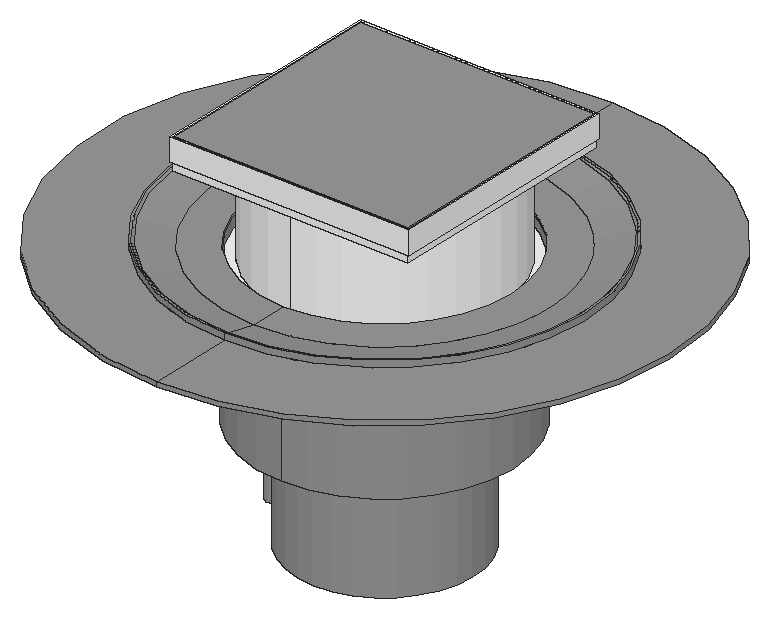
Revit family "HL_RU_Roof drain_HL62.1B-B-221103", category Instalační zařizovací předměty, Revit 2021
Family settings
  Kóta kulaté spojky = Použít průměr
  Typ dílu = Normální
  Číslo OmniClass = 23.70.50.21.24.14
  Nadpis OmniClass = Deck Waste Water Drains
  Založené na pracovní rovině = Ne
  Vždy vertikální = Ano
  Ořezat dutým tvarem při načtení = Ne
  Sdílené = Ne
  Bod výpočtu místnosti = Ano
Parameters (values of type "HL_Кровельная воронка_HL62.1B_1")
  РЕШЁТКА = "Edelstahl 137x137mm"
  РАЗМЕР = "DN110"
  ПРОПУСКНАЯ СПОСОБНОСТЬ [instance] = 0.0 L/s
  ПРОИЗВОДИТЕЛЬНОСТЬ = "6,0 l/s"
  ПРАВОВАЯ ИНФОРМАЦИЯ = "Авторские права(©), права на дизайн или какие либо другие права интелектуальной собственности являются исключительной собственностью компании HL Hutterer & Lechner. Изменению не подлежит. Файл семейства с данными о прозводителе изделия защищен паролем с водяным знаком."
  НОМИНАЛЬНЫЙ ДИАМЕТР = 110 mm
  НАСАДКА = "12-65mm/148x148mm"
  МАТЕРИАЛ = "PP"
  МАКСИМАЛЬНАЯ НАГРУЗКА КЛАССА = "K - 300 kg"
  ВЫСОТА МОНТАЖА = "120 mm"
  ВЕС = "1,92 [kg]"
  Výchozí výška = 0 mm
  Výrobce = "HL Hutterer & Lechner GmbH"  # constant formula
  URL = "http://www.hutterer-lechner.com/ru/products/catalog/roof-drains/HL62.1B/1.aspx"
  Материал плитка [instance] = none
  Přípoj ventilace = no
  Přípoj odpadních dílů = yes
  Přípoj HW = no
  Přípoj CW = no
  Popis = "Кровельные воронки"
  Model = "HL62.1B_1"
  Assembly Code = " "
  Komentáře k typům = "HL62.1B/1 Кровельная воронка DN110 с зажимным элементом и подогревом (10_30Вт/230В). Проходная _ 148х148мм/137х137мм.,"
  Keynote = "HL62.1B_1"
  EAN = "9003076802517"
  Bысота монтажа [instance] = 65 mm  # constant formula
  G [instance] = 180.00°  # constant formula
  D [instance] = 67 mm + Bысота монтажа  # 132 mm
  C [instance] = if(Bысота монтажа - 68 mm < 0 mm, 0 mm, Bысота монтажа - 68 mm)  # 0 mm
  B [instance] = 100 mm  # constant formula
  A [instance] = if(B - 100 mm > 15 mm, B - 100 mm, 15 mm)  # 15 mm
Types (5, lengths in mm): name | РАЗМЕР | НОМИНАЛЬНЫЙ ДИАМЕТР | ВЕС | URL | Model | Komentáře k typům | Keynote | EAN
  (no name) | "DN75" | 75 | "1,94 [kg]" | "http://www.hutterer-lechner.com/ru/products/catalog/roof-drains/HL62.1B/7.aspx" | "HL62.1B_7" | "HL62.1B/7 Кровельная воронка DN75 с зажимным элементом и подогревом (10_30Вт/230В). Проходная _ 148х148мм/137х137мм.," | "HL62.1B_7" | "9003076832514"
  HL_Кровельная воронка_HL62.1B_1 | "DN110" | 110 | "1,92 [kg]" | "http://www.hutterer-lechner.com/ru/products/catalog/roof-drains/HL62.1B/1.aspx" | "HL62.1B_1" | "HL62.1B/1 Кровельная воронка DN110 с зажимным элементом и подогревом (10_30Вт/230В). Проходная _ 148х148мм/137х137мм.," | "HL62.1B_1" | "9003076802517"
  HL_Кровельная воронка_HL62.1B_2 | "DN125" | 125 | "1,92 [kg]" | "http://www.hutterer-lechner.com/ru/products/catalog/roof-drains/HL62.1B/2.aspx" | "HL62.1B_2" | "HL62.1B/2 Кровельная воронка DN125 с зажимным элементом и подогревом (10_30Вт/230В). Проходная _ 148х148мм/137х137мм.," | "HL62.1B_2" | "9003076812516"
  HL_Кровельная воронка_HL62.1B_5 | "DN160" | 160 | "1,95 [kg]" | "http://www.hutterer-lechner.com/ru/products/catalog/roof-drains/HL62.1B/5.aspx" | "HL62.1B_5" | "HL62.1B/5 Кровельная воронка DN160 с зажимным элементом и подогревом (10_30Вт/230В). Проходная _ 148х148мм/137х137мм.," | "HL62.1B_5" | "9003076822522"
  HL_Кровельная воронка_HL62.1B_7 | "DN75" | 75 | "1,94 [kg]" | "http://www.hutterer-lechner.com/ru/products/catalog/roof-drains/HL62.1B/7.aspx" | "HL62.1B_7" | "HL62.1B/7 Кровельная воронка DN75 с зажимным элементом и подогревом (10_30Вт/230В). Проходная _ 148х148мм/137х137мм.," | "HL62.1B_7" | "9003076832514"
Reference planes
  plane 1 "Center (Front/Back)": y = 0
  plane 2: z = 0
  plane 3 "Center (Left/Right)": x = 0
  plane 4: z = -100
  plane 5: z = -65
Lines and regions (mm)
  model lines, style "InvisibleLines"
    curve 1: line (0, 0, 0) -> (0, 0, 20)
  model lines, style "PlumbingFixtures", detail levels coarse+medium
    curve 2: line (0, 0, -100) -> (0, 0, -85)
    curve 3: line (0, 0, -85) -> (-85, 0, 0)
    curve 4: line (0, 0, -85) -> (85, 0, 0)
    curve 6: line (0, 0, -100) -> (0, 0, -232)
  reference lines, not visible
    curve 5: line (0, 0, -100) -> (0, 0, -232)
  symbolic lines, style "PlumbingFixtures", detail levels coarse+medium
    curve 7: line (-75, 75, 0) -> (75, 75, 0)
    curve 8: line (-75, -75, 0) -> (-75, 75, 0)
    curve 9: line (75, -75, 0) -> (-75, -75, 0)
    curve 10: line (75, 75, 0) -> (75, -75, 0)
    curve 11: line (-75, 75, 0) -> (-145.711, 145.711, 0)
    curve 12: line (75, 75, 0) -> (145.711, 145.711, 0)
    curve 13: line (-75, -75, 0) -> (-145.711, -145.711, 0)
    curve 14: line (75, -75, 0) -> (145.711, -145.711, 0)
  symbolic lines, style "PlumbingFixtures", not visible, detail levels coarse+medium
    curve 15: line (-75, 75, 0) -> (75, 75, 0)
    curve 16: line (-75, -75, 0) -> (-75, 75, 0)
    curve 17: line (75, -75, 0) -> (-75, -75, 0)
    curve 18: line (75, 75, 0) -> (75, -75, 0)
    curve 19: line (-75, 75, 0) -> (-145.711, 145.711, 0)
    curve 20: line (75, 75, 0) -> (145.711, 145.711, 0)
    curve 21: line (-75, -75, 0) -> (-145.711, -145.711, 0)
    curve 22: line (75, -75, 0) -> (145.711, -145.711, 0)
Text (mm)
  text "FLOOR" at (-162.344, 0, -10.979), in view "Drain Construction View"
Dimensions and locks
  "B": plane 2 to plane 4
  "Bысота монтажа": plane 2 to plane 5
  "A": curve 4 to plane 4
  "D": curve 5 to curve 5
  "D": curve 6 to curve 6
  locked: curve 4 to plane 3 "Center (Left/Right)" (angle 45.00°)
  locked: plane 3 "Center (Left/Right)" to curve 3 (angle 45.00°)
  "G": angle curve 5 to plane 3 "Center (Left/Right)"
  aligned and locked: level to plane 2
  aligned and locked: plane 2 to curve 4
  aligned and locked: plane 2 to curve 3
  aligned and locked: plane 4 to curve 5
  aligned and locked: plane 3 "Center (Left/Right)" to curve 5
  aligned and locked: plane 4 to curve 2
  aligned and locked: curve 6 to plane 3 "Center (Left/Right)"
  aligned and locked: curve 6 to plane 4
  aligned and locked: plane 3 "Center (Left/Right)" to nested 1
  aligned and locked: plane 5 to nested 2
  aligned and locked: nested 2 to plane 3 "Center (Left/Right)"
  aligned and locked: plane 2 to nested 1
Automatic sketch dimensions
  curve 2 to plane 3 "Center (Left/Right)" = 0 mm
  curve 1 to plane 3 "Center (Left/Right)" = 0 mm
  curve 1 to level = 0 mm
  level to curve 1 = 20 mm
Nested families
  nested 1: "HL_Насадка_HL66.9S" at (0, 0, 0), Bысота монтажа <- "Bысота монтажа", type "HL_Grate frame_HL66.9S"
    with L 93 mm, IHmin 12 mm, IHmax 65 mm, Bысота монтажа 65 mm
  nested 2: "HL_кровельные воронки - корпус_HL62.1" at (0, 0, -65), НОМИНАЛЬНЫЙ ДИАМЕТР <- "НОМИНАЛЬНЫЙ ДИАМЕТР", type "HL_кровельные воронки - корпус_HL62.1"
    with НОМИНАЛЬНЫЙ ДИАМЕТР 110 mm, OOD 67.5 mm
Connectors
  piping at (0, 0, -232), diameter 110, driven by "ПРОПУСКНАЯ СПОСОБНОСТЬ", driven by "НОМИНАЛЬНЫЙ ДИАМЕТР"
    settings: on curve 5, index 1, connector inside diameter 609.6 mm, connector length 0 mm, flow factor 0, pipe flow 0.0 L/s, pressure drop 0.0 Pa, fitting loss kfactor 0, connector angle 0.00°, fixture units 0, engagement length 0 mm, angle of deflection 0.00°, flow configuration 1, flow direction 2, fitting loss method 0, system type 16, joint type 0, gender type 0, connector reference index -1, connector utility 0, adjustable connector yes, is connector primary yes, connector description ""
Definition of nested family "HL_Насадка_HL66.9S"
  Parameters (values of type "HL_Grate frame_HL66.9S")
    РЕШЁТКА = "Edelstahl 138x138mm"
    РАЗМЕР = "d 145 mm"
    ПРАВОВАЯ ИНФОРМАЦИЯ = "Авторские права(©), права на дизайн или какие либо другие права интелектуальной собственности являются исключительной собственностью компании HL Hutterer & Lechner. Изменению не подлежит. Файл семейства с данными о прозводителе изделия защищен паролем с водяным знаком."
    НАСАДКА = "147x147mm"
    МАТЕРИАЛ = "PP"
    МАКСИМАЛЬНАЯ НАГРУЗКА КЛАССА = "K - 300 kg"
    ВЫСОТА МОНТАЖА = "12-65mm"
    Материал плитка = none
    ВЕС = "0,345 [kg]"
    Default Elevation = 0 mm
    L [instance] = if(Bысота монтажа < IHmin, -100 mm, if(Bысота монтажа > IHmax, -100 mm, Bысота монтажа + 28 mm))  # 93 mm
    Manufacturer = "HL Hutterer & Lechner GmbH"
    URL = "http://www.hutterer-lechner.com/ru/products/catalog/roof-drains/HL66.9.aspx"
    Description = "Кровельные воронки"
    Model = "HL66.9"
    Type Comments = "HL66.9, Насадка d 145мм с бороздками/147х147мм/138х138мм"
    Keynote = "HL66.9"
    Bысота монтажа [instance] = 65 mm
    IHmin [instance] = 12 mm
    IHmax [instance] = 65 mm
    EAN = "9003076014606"
    Cost = 0
  Reference planes
    plane 1 "Střed (vpředu/vzadu)": y = 0
    plane 2: z = 0
    plane 3 "Střed (vlevo/vpravo)": x = 0
  Forms (mm)
    Revolve 1, solid, detail levels fine
      sketch origin (0, 0, 128) x (0, 1, 0) y (0, 0, 1)
        loop
          line (72.5, -142) -> (69.248, -142) -> (69.248, -221) -> (72.5, -221) -> (72.5, -142)
        axis (0, -142) -> (0, -221)
      angle from 0 to 360
    Extrusion 2, solid, detail levels fine
      sketch origin (-1.537, 0, -14.6) x (0, 1, 0) y (-1, 0, 0)
        loop
          line (74, 72.459) -> (-74, 72.459) -> (-74, -75.537) -> (74, -75.537) -> (74, 72.459)
        loop
          line (73, 71.463) -> (-73, 71.463) -> (-73, -74.537) -> (73, -74.537) -> (73, 71.463)
      from 0.6 to 14.6
    Extrusion 3, solid, detail levels fine
      sketch origin (-1.537, 0, -14) x (-1, 0, 0) y (0, 1, 0)
        loop
          line (71.463, 73) -> (-74.537, 73) -> (-74.537, -73) -> (71.463, -73) -> (71.463, 73)
        loop
          circle (-1.537, 0) r 72.5
      from 0 to 5
    Extrusion 4, solid, detail levels fine
      sketch origin (-1.537, 0, -14) x (-1, 0, 0) y (0, -1, 0)
        loop
          line (70.95, -72.397) -> (70.95, 72.463) -> (-74.05, 72.463) -> (-74.05, -72.397) -> (70.95, -72.397)
      from 0 to 14
    Revolve 5, solid, detail levels fine
      sketch origin (0, 75.989, -93) x (0, -1, 0) y (0, 0, -1)
        loop
          line (3.489, -20) -> (3.489, 0) -> (0.186, 0) -> (-2.325, -2.511) -> (-2.325, -20) -> (3.489, -20)
        axis (75.989, -20) -> (75.989, 0)
      angle from 0 to 360
  Lines and regions (mm)
    model lines, detail levels fine
      curve 1: line (36.25, 24.325, 0) -> (36.25, -24.42, 0)
      curve 2: line (43.75, -24.42, 0) -> (43.75, 24.325, 0)
      curve 3: line (52.25, 40.306, 0) -> (52.25, -40.355, 0)
      curve 4: line (59.75, -40.355, 0) -> (59.75, 40.306, 0)
      curve 5: line (20.25, 8.588, 0) -> (20.25, -8.684, 0)
      curve 6: line (27.75, -8.684, 0) -> (27.75, 8.588, 0)
      curve 7: arc (27.75, 8.588, 0) -> (24, 12.338, 0) -> (20.25, 8.588, 0) r 3.75
      curve 8: arc (20.25, -8.684, 0) -> (24, -12.434, 0) -> (27.75, -8.684, 0) r 3.75
      curve 9: arc (36.25, -24.42, 0) -> (40, -28.17, 0) -> (43.75, -24.42, 0) r 3.75
      curve 10: arc (43.75, 24.325, 0) -> (40, 28.075, 0) -> (36.25, 24.325, 0) r 3.75
      curve 11: arc (59.75, 40.306, 0) -> (56, 44.056, 0) -> (52.25, 40.306, 0) r 3.75
      curve 12: arc (52.25, -40.355, 0) -> (56, -44.105, 0) -> (59.75, -40.355, 0) r 3.75
      curve 13: line (-24.325, -36.25, 0) -> (24.42, -36.25, 0)
      curve 14: line (24.42, -43.75, 0) -> (-24.325, -43.75, 0)
      curve 15: line (-40.306, -52.25, 0) -> (40.355, -52.25, 0)
      curve 16: line (40.355, -59.75, 0) -> (-40.306, -59.75, 0)
      curve 17: line (-8.588, -20.25, 0) -> (8.684, -20.25, 0)
      curve 18: line (8.684, -27.75, 0) -> (-8.588, -27.75, 0)
      curve 19: arc (-8.588, -27.75, 0) -> (-12.338, -24, 0) -> (-8.588, -20.25, 0) r 3.75
      curve 20: arc (8.684, -20.25, 0) -> (12.434, -24, 0) -> (8.684, -27.75, 0) r 3.75
      curve 21: arc (24.42, -36.25, 0) -> (28.17, -40, 0) -> (24.42, -43.75, 0) r 3.75
      curve 22: arc (-24.325, -43.75, 0) -> (-28.075, -40, 0) -> (-24.325, -36.25, 0) r 3.75
      curve 23: arc (-40.306, -59.75, 0) -> (-44.056, -56, 0) -> (-40.306, -52.25, 0) r 3.75
      curve 24: arc (40.355, -52.25, 0) -> (44.105, -56, 0) -> (40.355, -59.75, 0) r 3.75
      curve 25: line (36.25, -24.42, 0) -> (36.25, 24.325, 0)
      curve 26: line (43.75, 24.325, 0) -> (43.75, -24.42, 0)
      curve 27: line (52.25, -40.355, 0) -> (52.25, 40.306, 0)
      curve 28: line (59.75, 40.306, 0) -> (59.75, -40.355, 0)
      curve 29: line (20.25, -8.684, 0) -> (20.25, 8.588, 0)
      curve 30: line (27.75, 8.588, 0) -> (27.75, -8.684, 0)
      curve 31: arc (27.75, -8.588, 0) -> (24, -12.338, 0) -> (20.25, -8.588, 0) r 3.75
      curve 32: arc (20.25, 8.684, 0) -> (24, 12.434, 0) -> (27.75, 8.684, 0) r 3.75
      curve 33: arc (36.25, 24.42, 0) -> (40, 28.17, 0) -> (43.75, 24.42, 0) r 3.75
      curve 34: arc (43.75, -24.325, 0) -> (40, -28.075, 0) -> (36.25, -24.325, 0) r 3.75
      curve 35: arc (59.75, -40.306, 0) -> (56, -44.056, 0) -> (52.25, -40.306, 0) r 3.75
      curve 36: arc (52.25, 40.355, 0) -> (56, 44.105, 0) -> (59.75, 40.355, 0) r 3.75
      curve 37: line (24.42, -36.25, 0) -> (-24.325, -36.25, 0)
      curve 38: line (-24.325, -43.75, 0) -> (24.42, -43.75, 0)
      curve 39: line (40.355, -52.25, 0) -> (-40.306, -52.25, 0)
      curve 40: line (-40.306, -59.75, 0) -> (40.355, -59.75, 0)
      curve 41: line (8.684, -20.25, 0) -> (-8.588, -20.25, 0)
      curve 42: line (-8.588, -27.75, 0) -> (8.684, -27.75, 0)
      curve 43: arc (8.588, -27.75, 0) -> (12.338, -24, 0) -> (8.588, -20.25, 0) r 3.75
      curve 44: arc (-8.684, -20.25, 0) -> (-12.434, -24, 0) -> (-8.684, -27.75, 0) r 3.75
      curve 45: arc (-24.42, -36.25, 0) -> (-28.17, -40, 0) -> (-24.42, -43.75, 0) r 3.75
      curve 46: arc (24.325, -43.75, 0) -> (28.075, -40, 0) -> (24.325, -36.25, 0) r 3.75
      curve 47: arc (40.306, -59.75, 0) -> (44.056, -56, 0) -> (40.306, -52.25, 0) r 3.75
      curve 48: arc (-40.355, -52.25, 0) -> (-44.105, -56, 0) -> (-40.355, -59.75, 0) r 3.75
      curve 49: line (-36.25, 24.325, 0) -> (-36.25, -24.325, 0)
      curve 50: line (-43.75, -24.325, 0) -> (-43.75, 24.325, 0)
      curve 51: line (-52.25, 40.306, 0) -> (-52.25, -40.306, 0)
      curve 52: line (-59.75, -40.306, 0) -> (-59.75, 40.306, 0)
      curve 53: line (-20.25, 8.588, 0) -> (-20.25, -8.588, 0)
      curve 54: line (-27.75, -8.684, 0) -> (-27.75, 8.588, 0)
      curve 55: arc (-27.75, 8.588, 0) -> (-24, 12.338, 0) -> (-20.25, 8.588, 0) r 3.75
      curve 56: arc (-20.25, -8.684, 0) -> (-24, -12.434, 0) -> (-27.75, -8.684, 0) r 3.75
      curve 57: arc (-43.75, 24.325, 0) -> (-40, 28.075, 0) -> (-36.25, 24.325, 0) r 3.75
      curve 58: arc (-59.75, 40.306, 0) -> (-56, 44.056, 0) -> (-52.25, 40.306, 0) r 3.75
      curve 59: line (-36.25, -24.325, 0) -> (-36.25, 24.325, 0)
      curve 60: line (-43.75, 24.325, 0) -> (-43.75, -24.325, 0)
      curve 61: line (-52.25, -40.306, 0) -> (-52.25, 40.306, 0)
      curve 62: line (-59.75, 40.306, 0) -> (-59.75, -40.306, 0)
      curve 63: line (-20.25, -8.588, 0) -> (-20.25, 8.588, 0)
      curve 64: line (-27.75, 8.588, 0) -> (-27.75, -8.684, 0)
      curve 65: arc (-27.75, -8.588, 0) -> (-24, -12.338, 0) -> (-20.25, -8.588, 0) r 3.75
      curve 66: arc (-20.25, 8.684, 0) -> (-24, 12.434, 0) -> (-27.75, 8.684, 0) r 3.75
      curve 67: arc (-36.25, 24.42, 0) -> (-40, 28.17, 0) -> (-43.75, 24.42, 0) r 3.75
      curve 68: arc (-43.75, -24.325, 0) -> (-40, -28.075, 0) -> (-36.25, -24.325, 0) r 3.75
      curve 69: arc (-59.75, -40.306, 0) -> (-56, -44.056, 0) -> (-52.25, -40.306, 0) r 3.75
      curve 70: arc (-52.25, 40.355, 0) -> (-56, 44.105, 0) -> (-59.75, 40.355, 0) r 3.75
      curve 71: line (-24.42, 36.25, 0) -> (24.325, 36.25, 0)
      curve 72: line (24.42, 43.75, 0) -> (-24.42, 43.75, 0)
      curve 73: line (-40.355, 52.25, 0) -> (40.306, 52.25, 0)
      curve 74: line (40.306, 59.75, 0) -> (-40.355, 59.75, 0)
      curve 75: line (-8.588, 20.25, 0) -> (8.588, 20.25, 0)
      curve 76: line (8.684, 27.75, 0) -> (-8.588, 27.75, 0)
      curve 77: arc (-8.588, 27.75, 0) -> (-12.338, 24, 0) -> (-8.588, 20.25, 0) r 3.75
      curve 78: arc (8.684, 20.25, 0) -> (12.434, 24, 0) -> (8.684, 27.75, 0) r 3.75
      curve 79: arc (24.42, 36.25, 0) -> (28.17, 40, 0) -> (24.42, 43.75, 0) r 3.75
      curve 80: line (24.325, 36.25, 0) -> (-24.42, 36.25, 0)
      curve 81: line (-24.42, 43.75, 0) -> (24.42, 43.75, 0)
      curve 82: line (40.306, 52.25, 0) -> (-40.355, 52.25, 0)
      curve 83: line (-40.355, 59.75, 0) -> (40.306, 59.75, 0)
      curve 84: line (8.588, 20.25, 0) -> (-8.588, 20.25, 0)
      curve 85: line (-8.588, 27.75, 0) -> (8.684, 27.75, 0)
      curve 86: arc (8.588, 27.75, 0) -> (12.338, 24, 0) -> (8.588, 20.25, 0) r 3.75
      curve 87: arc (-8.684, 20.25, 0) -> (-12.434, 24, 0) -> (-8.684, 27.75, 0) r 3.75
      curve 88: arc (-24.42, 36.25, 0) -> (-28.17, 40, 0) -> (-24.42, 43.75, 0) r 3.75
      curve 89: arc (24.325, 43.75, 0) -> (28.075, 40, 0) -> (24.325, 36.25, 0) r 3.75
      curve 90: arc (40.306, 59.75, 0) -> (44.056, 56, 0) -> (40.306, 52.25, 0) r 3.75
      curve 91: arc (-40.355, 52.25, 0) -> (-44.105, 56, 0) -> (-40.355, 59.75, 0) r 3.75
    reference lines
      curve 92: line (0, 75.989, -93) -> (0, -174.011, -93)
  Dimensions and locks
    Extrusion 2 sketch curve to Extrusion 2 sketch curve = 147.996 mm
    Extrusion 2 sketch curve to Extrusion 2 sketch curve = 148 mm
    "L": curve 92 to plane 2
    aligned and locked: level to plane 2
    aligned and locked: Revolve 1 to curve 92
  Automatic sketch dimensions
    plane 1 "Střed (vpředu/vzadu)" to Extrusion 2 sketch curve = 74 mm
    Extrusion 2 sketch curve to Extrusion 2 sketch curve = 1 mm  (x3)
    plane 3 "Střed (vlevo/vpravo)" to Extrusion 2 sketch curve = 74 mm
    Extrusion 2 sketch curve to Extrusion 2 sketch curve = 0.996 mm
    Extrusion 3 sketch curve to Extrusion 2 = 0 mm  (x4)
    Extrusion 3 sketch curve to Extrusion 2 = 73 mm  (x2)
    Extrusion 2 to curve 16 = 13.25 mm
    curve 24 to curve 47 = 3.75 mm
    curve 47 to curve 24 = 0 mm
    curve 48 to curve 23 = 0 mm  (x2)
    curve 23 to curve 38 = 8.5 mm
    curve 24 to curve 12 = 11.895 mm
    curve 12 to curve 35 = 0.048 mm
    curve 15 to curve 69 = 11.944 mm
    curve 22 to curve 45 = 3.75 mm
    curve 21 to curve 46 = 3.75 mm
    curve 46 to curve 21 = 0 mm
    curve 22 to curve 18 = 8.5 mm
    curve 21 to curve 9 = 11.83 mm
    curve 13 to curve 49 = 11.925 mm
    curve 9 to curve 34 = 0.095 mm
    curve 18 to curve 19 = 3.75 mm
    curve 44 to curve 19 = 0 mm  (x2)
    curve 43 to curve 20 = 0 mm
    curve 20 to curve 5 = 11.566 mm
    curve 49 to curve 64 = 15.642 mm
    curve 8 to curve 31 = 0.095 mm
    curve 56 to curve 53 = 0.095 mm
    curve 65 to curve 64 = 17.177 mm
    curve 31 to curve 29 = 17.177 mm
    curve 7 to curve 32 = 0.095 mm
    curve 55 to curve 66 = 0.095 mm
    curve 32 to curve 84 = 11.566 mm
    curve 86 to curve 78 = 3.75 mm
    curve 86 to curve 78 = 0 mm
    curve 77 to curve 87 = 3.75 mm
    curve 87 to curve 77 = 0 mm  (x2)
    curve 66 to curve 60 = 15.642 mm
    curve 32 to curve 26 = 15.642 mm
    curve 10 to curve 33 = 0.095 mm
    curve 57 to curve 67 = 0.095 mm
    curve 33 to curve 71 = 11.83 mm
    curve 89 to curve 89 = 3.75 mm
    curve 88 to curve 88 = 3.75 mm
    curve 89 to curve 79 = 0 mm
    curve 33 to curve 11 = 15.886 mm
    curve 67 to curve 51 = 15.886 mm
    curve 58 to curve 70 = 0.048 mm
    curve 11 to curve 36 = 0.048 mm
    curve 70 to curve 73 = 11.895 mm
    curve 90 to curve 90 = 3.75 mm
    Extrusion 2 to curve 28 = 13.25 mm
    curve 4 to curve 11 = 3.75 mm
    curve 35 to curve 12 = 0 mm
    curve 36 to curve 11 = 0 mm
    curve 3 to curve 2 = 8.5 mm
    curve 3 to curve 39 = 11.895 mm
    curve 11 to curve 83 = 11.944 mm
    curve 24 to curve 47 = 0.048 mm
    curve 26 to curve 9 = 3.75 mm
    curve 33 to curve 10 = 0 mm
    curve 34 to curve 9 = 0 mm
    curve 34 to curve 30 = 8.5 mm
    curve 90 to curve 72 = 15.886 mm
    curve 1 to curve 21 = 11.83 mm
    curve 79 to curve 80 = 0.095 mm
    curve 21 to curve 46 = 0.095 mm
    curve 6 to curve 32 = 3.75 mm
    curve 6 to curve 8 = 3.75 mm
    curve 31 to curve 8 = 0 mm
    curve 29 to curve 17 = 11.566 mm
    curve 7 to curve 78 = 11.566 mm
    curve 78 to curve 86 = 0.095 mm
    curve 20 to curve 43 = 0.095 mm
    curve 43 to curve 41 = 17.177 mm
    curve 86 to curve 77 = 17.177 mm
    curve 19 to curve 44 = 0.095 mm
    curve 77 to curve 87 = 0.095 mm
    curve 87 to curve 53 = 11.566 mm
    curve 53 to curve 66 = 3.75 mm
    curve 55 to curve 66 = 0 mm
    curve 56 to curve 54 = 3.75 mm
    curve 65 to curve 56 = 0 mm
    curve 44 to curve 14 = 15.642 mm
    curve 22 to curve 45 = 0.095 mm
    curve 87 to curve 72 = 15.736 mm
    curve 45 to curve 59 = 11.83 mm
    curve 57 to curve 67 = 3.75 mm
    curve 68 to curve 68 = 3.75 mm
    curve 45 to curve 15 = 15.886 mm
    curve 23 to curve 48 = 0.048 mm
    curve 72 to curve 74 = 15.935 mm
    curve 91 to curve 51 = 11.895 mm
    curve 51 to curve 70 = 3.75 mm
    curve 51 to curve 69 = 3.75 mm
    curve 45 to curve 22 = 0 mm
    curve 36 to curve 28 = 0 mm
    curve 33 to curve 2 = 0 mm
    curve 32 to curve 30 = 0 mm
    curve 66 to curve 55 = 0 mm
    curve 67 to curve 57 = 0 mm
    curve 70 to curve 51 = 0 mm
    Extrusion 4 sketch curve to Extrusion 3 = 0.487 mm
    Extrusion 4 sketch curve to Extrusion 3 = 0.513 mm
    Extrusion 4 sketch curve to Extrusion 3 = 0.603 mm
    Extrusion 4 sketch curve to Extrusion 3 = 0.537 mm
    Revolve 1 sketch curve to plane 1 "Střed (vpředu/vzadu)" = 0 mm
    Revolve 1 sketch curve to level = 14 mm
    Revolve 1 sketch curve to plane 1 "Střed (vpředu/vzadu)" = 69.248 mm
    Revolve 1 sketch curve to Revolve 1 sketch curve = 3.252 mm
    Revolve 1 sketch curve to Revolve 1 sketch curve = 79 mm
    Revolve 1 sketch curve to Revolve 1 sketch curve = 17.5 mm
    level to Revolve 1 sketch curve = 144.5 mm
    Revolve 5 sketch curve to curve 92 = 0 mm
    Revolve 5 sketch curve to curve 92 = 2.325 mm
    curve 92 to Revolve 5 sketch curve = 0.186 mm
    curve 92 to Revolve 5 sketch curve = 3.489 mm
    Revolve 5 sketch curve to curve 92 = 2.511 mm
    Revolve 5 sketch curve to curve 92 = 20 mm
    curve 92 to Revolve 5 sketch curve = 75.989 mm
    Revolve 5 sketch curve to curve 92 = 393 mm
    curve 92 to Revolve 5 sketch curve = 207 mm
    plane 1 "Střed (vpředu/vzadu)" to curve 92 = 174.011 mm
    curve 92 to plane 1 "Střed (vpředu/vzadu)" = 75.989 mm
    radius of Extrusion 3 sketch curve = 72.5 mm
Definition of nested family "HL_кровельные воронки - корпус_HL62.1"
  Parameters (values of type "HL_кровельные воронки - корпус_HL62.1")
    НОМИНАЛЬНЫЙ ДИАМЕТР [instance] = 160 mm
    Default Elevation = 0 mm
    Manufacturer = ""
    URL = ""
    Description = ""
    OOD [instance] = if((80 mm - НОМИНАЛЬНЫЙ ДИАМЕТР / 2) / 2 + НОМИНАЛЬНЫЙ ДИАМЕТР / 2 > 75 mm, 100 mm, (80 mm - НОМИНАЛЬНЫЙ ДИАМЕТР / 2) / 2 + НОМИНАЛЬНЫЙ ДИАМЕТР / 2)  # 100 mm
    Model = ""
    Type Comments = ""
    Cost = 0
  Reference planes
    plane 1 "Střed (vpředu/vzadu)": y = 0
    plane 2: z = 0
    plane 3 "Střed (vlevo/vpravo)": x = 0
  Forms (mm)
    Revolve 1, solid, detail levels fine
      sketch origin (0, 0, 0) x (0, 1, 0) y (0, 0, 1)
        loop
          line (177, -3) -> (177, 0) -> (124.39, 0) -> (112.255, 0) -> (101.905, -2.2) -> (79.004, -2.2) -> (79.004, -22.024) -> (74.451, -22.024) -> (74.451, -35.37) -> (0, -35.37) -> (0, -97.967) -> (79.982, -97.967) -> (79.982, -31.54) -> (86.489, -31.54) -> (86.489, -28.04) -> (101.489, -28.04) -> (101.489, -13.704) -> (130.898, -3) -> (177, -3)
        axis (0, 0) -> (0, -97.967)
      angle from 0 to 360
    Revolve 2, solid, detail levels fine
      sketch origin (0, 0, 0) x (0, 1, 0) y (0, 0, 1)
        loop
          line (124.39, 0) -> (124.39, 4) -> (123.297, 4) -> (122.033, 3.115) -> (101.733, -1.2) -> (79.004, -1.2) -> (79.004, -2.2) -> (101.905, -2.2) -> (112.255, 0) -> (124.39, 0)
        axis (0, 4) -> (0, -2.2)
      angle from 0 to 360
    Extrusion 3, solid, detail levels fine
      sketch origin (0, 0, 0) x (0.707107, 0.707107, 0) y (-0.707107, 0.707107, 0)
        loop
          circle (0, 0) r 80
      from -167 to -97.967
    Sweep 4, solid, detail levels fine
      path origin (-100, 0, -67.213) x (0, 0, -1) y (1, 0, 0)
        loop
          line (98.966, 0) -> (27.716, 0)
          arc (27.716, 0) -> (15.095, 5.228) -> (9.868, 17.848) r 17.848
          line (9.868, 17.848) -> (9.868, 35)
      profile origin (-100, 0, -130.554) x (-1, 0, 0) y (0, -1, 0)
        loop
          circle (0, 0) r 5.8
  Lines and regions (mm)
    reference lines
      curve 1: line (-100, 0, -67.213) -> (-100, 0, -292.213)
  Dimensions and locks
    "OOD": curve 1 to plane 3 "Střed (vlevo/vpravo)"
    "НОМИНАЛЬНЫЙ ДИАМЕТР": diameter of Extrusion 3 sketch curve
    aligned and locked: level to plane 2
  Automatic sketch dimensions
    Revolve 2 sketch curve to plane 1 "Střed (vpředu/vzadu)" = 0 mm
    level to Revolve 2 sketch curve = 0 mm
    Revolve 2 sketch curve to level = 1.2 mm
    Revolve 2 sketch curve to plane 1 "Střed (vpředu/vzadu)" = 79.004 mm
    Revolve 2 sketch curve to Revolve 2 sketch curve = 22.729 mm
    Revolve 2 sketch curve to level = 2.2 mm
    Revolve 2 sketch curve to Revolve 2 sketch curve = 0.172 mm
    Revolve 2 sketch curve to Revolve 2 sketch curve = 10.35 mm
    level to Revolve 2 sketch curve = 3.115 mm
    Revolve 2 sketch curve to Revolve 2 sketch curve = 9.777 mm
    Revolve 2 sketch curve to Revolve 2 sketch curve = 1.264 mm
    Revolve 2 sketch curve to Revolve 2 sketch curve = 1.093 mm
    Revolve 2 sketch curve to Revolve 2 sketch curve = 0.885 mm
    Revolve 2 sketch curve to level = 66.573 mm
    level to Revolve 2 sketch curve = 22.174 mm
    Revolve 1 sketch curve to plane 1 "Střed (vpředu/vzadu)" = 0 mm  (x2)
    level to Revolve 1 sketch curve = 0 mm
    Revolve 1 sketch curve to Revolve 1 sketch curve = 74.451 mm
    Revolve 1 sketch curve to Revolve 1 sketch curve = 4.553 mm
    Revolve 1 sketch curve to Revolve 1 sketch curve = 6.507 mm
    Revolve 1 sketch curve to Revolve 1 sketch curve = 15 mm
    Revolve 1 sketch curve to level = 2.2 mm
    Revolve 1 sketch curve to Revolve 1 sketch curve = 0.416 mm
    Revolve 1 sketch curve to Revolve 1 sketch curve = 10.35 mm
    Revolve 1 sketch curve to Revolve 1 sketch curve = 12.135 mm
    Revolve 1 sketch curve to level = 3 mm
    Revolve 1 sketch curve to Revolve 1 sketch curve = 6.508 mm
    Revolve 1 sketch curve to Revolve 1 sketch curve = 46.102 mm
    Revolve 1 sketch curve to Revolve 1 sketch curve = 11.504 mm
    Revolve 1 sketch curve to Revolve 1 sketch curve = 19.824 mm
    Revolve 1 sketch curve to Revolve 1 sketch curve = 14.336 mm
    Revolve 1 sketch curve to Revolve 1 sketch curve = 3.5 mm
    level to Revolve 1 sketch curve = 30 mm
    Revolve 1 sketch curve to Revolve 1 sketch curve = 270 mm
    Revolve 1 sketch curve to Revolve 1 sketch curve = 5.531 mm
    Revolve 1 sketch curve to Revolve 1 sketch curve = 3.83 mm
    Revolve 1 sketch curve to Revolve 1 sketch curve = 62.597 mm
    plane 1 "Střed (vpředu/vzadu)" to Sweep 4 sketch curve = 0 mm
    Sweep 4 sketch curve to profile plane = 0 mm
    curve 1 to Sweep 4 sketch curve = 0 mm
    curve 1 to Sweep 4 sketch curve = 9.868 mm
    Sweep 4 sketch curve to Sweep 4 sketch curve = 17.848 mm
    Sweep 4 sketch curve to Sweep 4 sketch curve = 71.25 mm
    curve 1 to Sweep 4 sketch curve = 35 mm
    curve 1 to level = 292.213 mm
    curve 1 to level = 67.213 mm
    plane 1 "Střed (vpředu/vzadu)" to Extrusion 3 sketch curve = 0 mm
    Extrusion 3 sketch curve to plane 3 "Střed (vlevo/vpravo)" = 0 mm
    radius of Sweep 4 sketch curve = 5.8 mm
